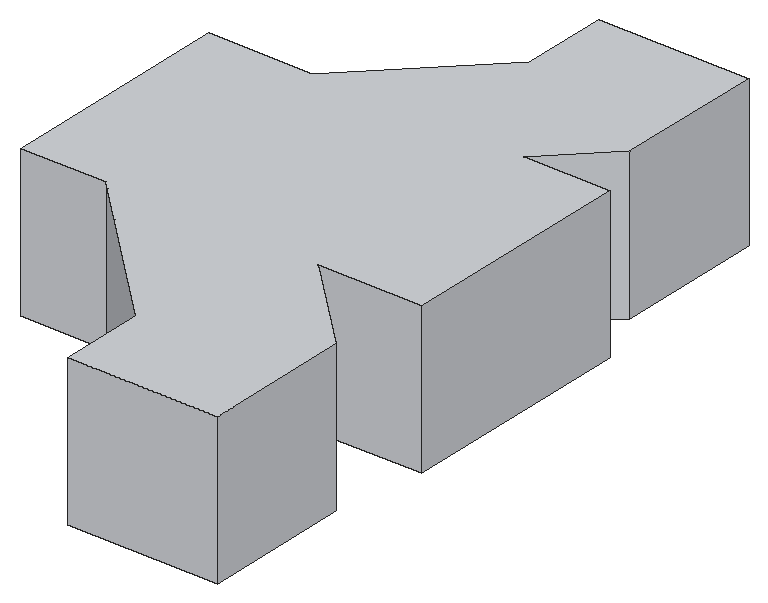
Revit family "Climaver_Triple dynamic branch", category Tvarovky potrubí, Revit 2022
Family settings
  Kóta kulaté spojky = Použít průměr
  Typ dílu = Křížení
  Číslo OmniClass = 23.75.70.14
  Nadpis OmniClass = Air Ductwork
  Založené na pracovní rovině = Ne
  Vždy vertikální = Ano
  Ořezat dutým tvarem při načtení = Ne
  Sdílené = Ne
Parameters (values of type "CLIMAVER A2 Deco")
  xXX [instance] = (3000 mm + x11 + Lenght of inner part) - (S_d4 + S_pL4_a + (External dimension_Width 2 / 2))  # 2991.421 mm
  x32 [instance] = d - 3000 mm + External dimension_Width 4 / 2 + sin(45.00°) * Lenght of inner chamfered part 2  # 557.843 mm
  x31 [instance] = (tan(22.50°) * External dimension_Width 3 / 2) + 3000 mm - db + d1  # 628.553 mm
  x23 [instance] = if(x22 < xXX, x22, xXX)  # 2991.421 mm
  x22 [instance] = (3000 mm + x11 + Lenght of inner part) - (S_d3 + (-S_pL3_a) + (External dimension_Width 2 / 2))  # 3033.579 mm
  x11 [instance] = d1 + (tan(22.50°) * External dimension_Width 3 / 2)  # 528.553 mm
  symbol4 [instance] = 3000 mm + DUCT_WIDTH 2 / 2  # 3250 mm
  symbol3 [instance] = 3000 mm - DUCT_WIDTH 2 / 2  # 2750 mm
  ss3 [instance] = symbol3 - 10 mm  # 2740 mm
  note_R4 = "Contact climaver team. The table below indicates the types of reinforcement and the distance between each reinforcement.\r\n"  # constant formula
  note_R3 = "Reinforcement is required. For more information, visit the manufacturer's website. The table below indicates the types of reinforcement and the distance between each reinforcement.\r\n"  # constant formula
  note_R2 = "At pressures greater than 200 Pa it is necessary to reinforce. For more information, visit the manufacturer's website. The table below indicates the types of reinforcement and the distance between each reinforcement.\r\n"  # constant formula
  note_R1 = "At pressures greater than 400 Pa it is necessary to reinforce. For more information, visit the manufacturer's website. The table below indicates the types of reinforcement and the distance between each reinforcement.\r\n"  # constant formula
  note_R = "Branch widths cannot be the same as the dimension of the main part"  # constant formula
  note_L5 = "The minimum dimension of parameter was exceeded. Length of inner part 3 = 200 mm. Edit the parameter Distance of the second branch axis from the origin"  # constant formula
  note_L4 min = "The minimum dimension of parameter was exceeded. Lenght of inner part of the branch 2 = 200 mm"  # constant formula
  note_L3 min = "The minimum dimension of parameter was exceeded. Lenght of inner part of the branch = 200 mm"  # constant formula
  note_L2 min = "The minimum dimension of parameter was exceeded. Length of inner part 2 = 200 mm."  # constant formula
  note_A2 = "The minimum dimension of parameter was exceeded. Lenght of inner chamfered part 2 = 150 mm"  # constant formula
  note_A = "The minimum dimension of parameter was exceeded. Lenght of inner chamfered part = 150 mm"  # constant formula
  note_L1 min = "The minimum dimension of parameter was exceeded. Length of inner part = 200 mm."  # constant formula
  note_L max = "Warning: The fitting must be constructed from more parts."  # constant formula
  note_Di = "The internal dimensions should be at least 200 mm (the recommended min.value for the DUCT_WIDTH and DUCT_HEIGHT)"  # constant formula
  WAR_R4 [instance] = or(DUCT_WIDTH > 1500 mm, DUCT_HEIGHT > 1500 mm)  # no
  WAR_R3 [instance] = or(DUCT_WIDTH > 1050 mm, DUCT_HEIGHT > 1050 mm)  # no
  WAR_R2 [instance] = or(DUCT_WIDTH > 900 mm, DUCT_HEIGHT > 900 mm)  # no
  WAR_R1 [instance] = or(DUCT_WIDTH > 600 mm, DUCT_HEIGHT > 600 mm)  # no
  VS6 [instance] = tan(22.50°) * External dimension_Width 4 + Lenght of inner part of the branch 2  # 344.975 mm
  VS5 [instance] = 2 * tan(22.50°) * External dimension_Width 4 + Lenght of inner chamfered part 2  # 689.949 mm
  VS4 [instance] = tan(22.50°) * External dimension_Width 4 + Lenght of inner part 3  # 387.132 mm
  VS3 [instance] = tan(22.50°) * External dimension_Width 3 + Lenght of inner part of the branch  # 344.975 mm
  VS2 [instance] = 2 * tan(22.50°) * External dimension_Width 3 / 2 + d5  # 789.949 mm
  VS1 [instance] = tan(22.50°) * External dimension_Width 3 / 2 + d3  # 344.975 mm
  URL3 = ""
  URL2 = ""
  URL1 = "https://www.isover-technical-insulation.com/products/climaverr-a2-deco"
  TYPE = "Fitting"  # constant formula
  S_pL4_a [instance] = (External dimension_Width 4 / 2) - (d - 3000 mm)  # 75 mm
  S_pL3_a [instance] = (3000 mm - db) - (External dimension_Width 3 / 2)  # -75 mm
  S_d4 [instance] = (Distance of the second branch axis from the origin - d2) + tan(22.50°) * (External dimension_Width 4 / 2)  # 387.132 mm
  S_d3 [instance] = d3 + tan(22.50°) * (External dimension_Width 3 / 2)  # 344.975 mm
  Reinforcement note [instance] = if(WAR_R4, note_R4, if(WAR_R3, note_R3, if(WAR_R2, note_R2, if(WAR_R1, note_R1, ""))))  # ""
  PANEL THICKNESS = 25 mm
  PANEL AREA [instance] = 2 * (External dimension_Height + External dimension_Width 3) * (VS1 + VS2 + VS3) + 2 * (External dimension_Height + External dimension_Width 4) * (VS4 + VS5 + VS6) + 2 * (External dimension_Height + External dimension_Width 2) * Lenght of outer part of continuous piece  # 5.67369 m²
  MAXIMUM DIMENSION [instance] = if(External dimension_Width > External dimension_Height, External dimension_Width, External dimension_Height)  # 550 mm
  Lenght of inner part 3 [instance] = Distance of the second branch axis from the origin - External dimension_Width 4 / 2 - sin(45.00°) * Lenght of inner chamfered part 2  # 242.157 mm
  ds3 [instance] = tan(22.50°) * External dimension_Width 3 / 2  # 72.487 mm
  ds2 [instance] = tan(45.00°) * ds  # 350 mm
  ds [instance] = External dimension_Width 2 + External dimension_Width 3 - External dimension_Width  # 350 mm
  db [instance] = 3000 mm - (External dimension_Width / 2 - External dimension_Width 3 / 2)  # 2900 mm
  d7 [instance] = Lenght of inner part + tan(22.50°) * External dimension_Width 4 / 2  # 272.487 mm
  d6 [instance] = tan(22.50°) * External dimension_Width 4 / 2 * 2 + Lenght of inner chamfered part 2  # 544.975 mm
  d5 [instance] = tan(22.50°) * External dimension_Width 3 / 2 * 2 + Lenght of inner chamfered part  # 644.975 mm
  d3 [instance] = Lenght of inner part + tan(22.50°) * External dimension_Width 3 / 2  # 272.487 mm
  d2 [instance] = cos(45.00°) * d6  # 385.355 mm
  d [instance] = 3000 mm + (External dimension_Width / 2 - External dimension_Width 4 / 2)  # 3100 mm
  Wvzd [instance] = DUCT_WIDTH / 3 * 2  # 333.333 mm
  WAR_L5 min [instance] = if(Lenght of inner part 3 < Maximum lenght of inner part, 0 mm, 1 mm)  # 1 mm
  WAR_R [instance] = if(or(DUCT_WIDTH = DUCT_WIDTH 2, DUCT_WIDTH = Duct_width 3, DUCT_WIDTH = Duct_width 4), 0 mm, 1 mm)  # 0 mm
  WAR_L4 min [instance] = if(Lenght of inner part of the branch 2 < Maximum lenght of inner part, 0 mm, 1 mm)  # 1 mm
  WAR_A2 [instance] = if(Lenght of inner chamfered part 2 < Minimum lenght of middle part, 0 mm, 1 mm)  # 1 mm
  WAR_A [instance] = if(Lenght of inner chamfered part < Minimum lenght of middle part, 0 mm, 1 mm)  # 1 mm
  L_S4 [instance] = DUCT_WIDTH 4 / 2 - ((DUCT_WIDTH 2 + DUCT_WIDTH 4) / 2 - (d - db))  # -50 mm
  L_S3 [instance] = DUCT_WIDTH 3 / 2 - ((DUCT_WIDTH 2 + DUCT_WIDTH 3) / 2 - (d - db))  # -50 mm
  L_1x2x4 [instance] = d3 + (DUCT_WIDTH 4 / 2) / sin(45.00°) - L_S4  # 534.619 mm
  L_1x2x3 [instance] = d3 + (DUCT_WIDTH 3 / 2) / sin(45.00°) - L_S3  # 534.619 mm
  Installation manual = "https://ssi-climaver.com/assets/pdf/20180924%20climaver_installation_manual_din_a5.pdf"
  External dimension_Width 4 [instance] = Duct_width 4 + 2 * PANEL THICKNESS  # 350 mm
  Distance of the second branch axis from the origin [instance] = 700 mm
  PS4 [instance] = Duct_width 4 / 2  # 150 mm
  Duct_width 4 [instance] = 300 mm
  PS3 [instance] = Duct_width 3 / 2  # 150 mm
  Perimetr [instance] = 2 * External dimension_Height + 2 * if(External dimension_Width 2 > External dimension_Width 3, External dimension_Width 2, if(External dimension_Width 3 > External dimension_Width 4, External dimension_Width 3, External dimension_Width 4)) + 200 mm  # 2000 mm
  Minimum lenght of middle part [instance] = 150 mm  # constant formula
  Maximum lenght of inner part [instance] = 200 mm  # constant formula
  Maximum perimetr of one panel [instance] = 3000 mm  # constant formula
  Lenght of inner part of the branch 2 [instance] = 200 mm
  Lenght of inner chamfered part 2 [instance] = 400 mm
  Lenght of inner chamfered part [instance] = 500 mm
  d1 [instance] = d4  # 456.066 mm
  d4 [instance] = cos(45.00°) * d5  # 456.066 mm
  Warnings = yes
  Warning note [instance] = if(WAR_Di = 0 mm, note_Di, if(WAR_A = 0 mm, note_A, if(WAR_L1 min = 0 mm, note_L1 min, if(WAR_L2 min = 0 mm, note_L2 min, if(WAR_L3 min = 0 mm, note_L3 min, if(WAR_L max = 0 mm, note_L max, if(WAR_R = 0 mm, note_R, if(WAR_L4 min = 0 mm, note_L4 min, if(WAR_A2 = 0 mm, note_A2, if(WAR_L5 min = 0 mm, note_L5, ""))))))))))  # "Branch widths cannot be the same as the dimension of the main part"
  WAR_L3 min [instance] = if(Lenght of inner part of the branch < Maximum lenght of inner part, 0 mm, 1 mm)  # 1 mm
  WAR_L2 min [instance] = if(Lenght of inner part 2 < Maximum lenght of inner part, 0 mm, 1 mm)  # 1 mm
  WAR_L1 min [instance] = if(Lenght of inner part < Maximum lenght of inner part, 0 mm, 1 mm)  # 1 mm
  WAR_L max [instance] = if(or(Lenght of outer part of continuous piece > Maximum lenght, Perimetr > Maximum perimetr of one panel, (Lenght of inner part + Lenght of inner part of the branch + Lenght of inner chamfered part) > Maximum lenght, (Lenght of inner part + Lenght of inner part of the branch 2 + Lenght of inner chamfered part 2) > Maximum lenght), 0 mm, 1 mm)  # 1 mm
  WAR_Di [instance] = if((or(DUCT_WIDTH < 200 mm, DUCT_WIDTH 2 < 200 mm, DUCT_HEIGHT < 200 mm, Duct_width 3 < 200 mm, Duct_width 4 < 200 mm)), 0 mm, 1 mm)  # 1 mm
  WAR [instance] = if(or(WAR_L1 min = 0 mm, WAR_L2 min = 0 mm, WAR_L3 min = 0 mm, WAR_R = 0 mm, WAR_L4 min = 0 mm, WAR_A2 = 0 mm, WAR_L5 min = 0 mm), 0 mm, 1 mm)  # 0 mm
  W [instance] = and(WAR = 0 mm, Warnings)  # yes
  Výrobce = "Saint-Gobain - Isover"
  External dimension_Width 3 [instance] = Duct_width 3 + 2 * PANEL THICKNESS  # 350 mm
  External dimension_Width [instance] = DUCT_WIDTH + 2 * PANEL THICKNESS  # 550 mm
  External dimension_Height [instance] = DUCT_HEIGHT + 2 * PANEL THICKNESS  # 350 mm
  External dimension_Width 2 [instance] = DUCT_WIDTH 2 + 2 * PANEL THICKNESS  # 550 mm
  Duct_width 3 [instance] = 300 mm
  Maximum lenght [instance] = 1190 mm
  Lenght of inner part 2 [instance] = 200 mm
  Family collaps = no
  Lenght of outer part of continuous piece [instance] = x11 + Lenght of inner part + Lenght of inner part 2 - x22 + 3000 mm  # 894.975 mm
  URL = "https://www.isover-technical-insulation.com/hvac/climaverr-self-supporting-ducts"
  Popis = "Triple dynamic branch"
  Model = "CLIMAVER A2 Deco (Fire behaviour A2-s1, d0, Acoustic absorption 0,85)"
  Material = none
  Komentáře k typům = "Glass wool duct boards for air conditioning, ventilation and heating systems. The system allow to make foursquare duct/duct lines (straight duct, elbow, offset, branch etc.) The panel a high density glass wool duct board and is faced on both sides. The outer facing, a robust aluminum facing, acts as a vapor barrier and ensures that the duct is airtight. The inner facing of the duct may be either a reinforced aluminum facing or a woven glass facing.The pre-insulated, self-supporting duct is designed to offer excellent acoustics, excellent thermal performance and a high level of air-tightness, making the system energy efficient. Application as EN 13403, Airtightness: Thermal conductivity λ = 0,032 [W/(m·K)] for T = 10 °C, Class D, Maximum Static pressure: 800 Pa, Maximum air speed: 18 m/s, Maximum temperature of circulating air: 90°C, Maximum external air temperature 60°C, Minimum temperature: – 30˚C, Dimensional stability: Quantities and measured values : <1 %, Duct assembly: exclusive male/female molded shiplap, Water-vapour diffusion resistence: >140 m².h.Pa/mg (from the facing)."  # constant formula
  Lenght of inner part of the branch [instance] = 200 mm
  Lenght of inner part [instance] = 200 mm
  Výchozí výška = 0 mm
  DUCT_WIDTH 4 [instance] = Duct_width 4  # 300 mm
  DUCT_WIDTH 3 [instance] = Duct_width 3  # 300 mm
  DUCT_WIDTH 2 [instance] = 500 mm
  DUCT_WIDTH [instance] = 500 mm
  DUCT_HEIGHT [instance] = 300 mm
  Collapse [instance] = and(WAR = 0 mm, Family collaps)  # no
  COPYRIGHT = "Saint-Gobain - Isover"  # constant formula
Types (4, lengths in mm): name | xXX | x32 | x31 | x23 | x22 | x11 | symbol4 | symbol3 | ss3 | VS6 | VS5 | VS4 | VS3 | VS2 | VS1 | URL3 | URL2 | URL1 | S_pL4_a | S_pL3_a | S_d4 | S_d3 | PANEL THICKNESS | PANEL AREA | MAXIMUM DIMENSION | Lenght of inner part 3 | ds3 | ds2 | ds | d7 | d6 | d5 | d3 | d2 | Wvzd | WAR_R | L_S4 | L_S3 | L_1x2x4 | L_1x2x3 | External dimension_Width 4 | Distance of the second branch axis from the origin | PS4 | Duct_width 4 | PS3 | Perimetr | Lenght of inner chamfered part 2 | Lenght of inner chamfered part | d1 | d4 | Warning note | WAR | W | External dimension_Width 3 | External dimension_Width | External dimension_Height | External dimension_Width 2 | Duct_width 3 | Maximum lenght | Lenght of inner part 2 | Lenght of outer part of continuous piece | Model | DUCT_WIDTH 4 | DUCT_WIDTH 3 | DUCT_WIDTH 2 | DUCT_WIDTH
  CLIMAVER Plus R, CLIMAVER A2 Plus | 2858.579 | 331.066 | 331.066 | 2858.579 | 2927.513 | 231.066 | 3150 | 2850 | 2840 | 303.553 | 357.107 | 372.487 | 303.553 | 357.107 | 303.553 | "" | "https://www.isover-technical-insulation.com/products/climaverr-a2-plus" | "https://www.isover-technical-insulation.com/products/climaverr-plus-r" | 25 | -25 | 372.487 | 303.553 | 25 | 3.80181 m² | 450 | 268.934 | 51.777 | 150 | 150 | 251.777 | 253.553 | 253.553 | 251.777 | 179.289 | 266.667 | 1 | 50 | 50 | 343.198 | 343.198 | 250 | 500 | 100 | 200 | 100 | 1600 | 150 | 150 | 179.289 | 179.289 | "" | 1 | no | 250 | 450 | 350 | 350 | 200 | 1190 | 500 | 1003.553 | "CLIMAVER Plus R, CLIMAVER A2 Plus (Fire reaction B-s1, d0; A2-s1, d0, Acoustic absorption 0,30)" | 200 | 200 | 300 | 400
  CLIMAVER Neto, CLIMAVER A2 Neto | 2858.579 | 331.066 | 331.066 | 2858.579 | 2927.513 | 231.066 | 3150 | 2850 | 2840 | 303.553 | 357.107 | 372.487 | 303.553 | 357.107 | 303.553 | "" | "https://www.isover-technical-insulation.com/products/climaverr-a2-neto" | "https://www.isover-technical-insulation.com/products/climaverr-neto" | 25 | -25 | 372.487 | 303.553 | 25 | 3.80181 m² | 450 | 268.934 | 51.777 | 150 | 150 | 251.777 | 253.553 | 253.553 | 251.777 | 179.289 | 266.667 | 1 | 50 | 50 | 343.198 | 343.198 | 250 | 500 | 100 | 200 | 100 | 1600 | 150 | 150 | 179.289 | 179.289 | "" | 1 | no | 250 | 450 | 350 | 350 | 200 | 1190 | 500 | 1003.553 | "CLIMAVER Neto, CLIMAVER A2 Neto (Fire reaction B-s1, d0; A2-s1, d0, Acoustic absorption 0,85)" | 200 | 200 | 300 | 400
  CLIMAVER A2 Deco | 2991.421 | 557.843 | 628.553 | 2991.421 | 3033.579 | 528.553 | 3250 | 2750 | 2740 | 344.975 | 689.949 | 387.132 | 344.975 | 789.949 | 344.975 | "" | "" | "https://www.isover-technical-insulation.com/products/climaverr-a2-deco" | 75 | -75 | 387.132 | 344.975 | 25 | 5.67369 m² | 550 | 242.157 | 72.487 | 350 | 350 | 272.487 | 544.975 | 644.975 | 272.487 | 385.355 | 333.333 | 0 | -50 | -50 | 534.619 | 534.619 | 350 | 700 | 150 | 300 | 150 | 2000 | 400 | 500 | 456.066 | 456.066 | "Branch widths cannot be the same as the dimension of the main part" | 0 | yes | 350 | 550 | 350 | 550 | 300 | 1190 | 200 | 894.975 | "CLIMAVER A2 Deco (Fire behaviour A2-s1, d0, Acoustic absorption 0,85)" | 300 | 300 | 500 | 500
  CLIMAVER Apta, A2 Apta, A1 Apta | 2846.152 | 346.066 | 346.066 | 2846.152 | 2900.086 | 246.066 | 3150 | 2850 | 2840 | 315.98 | 381.96 | 369.914 | 315.98 | 381.96 | 315.98 | "https://www.isover-technical-insulation.com/products/climaverr-a1-apta" | "https://www.isover-technical-insulation.com/products/climaverr-a2-apta" | "https://www.isover-technical-insulation.com/products/climaverr-apta" | 40 | -40 | 369.914 | 315.98 | 40 | 4.33783 m² | 480 | 253.934 | 57.99 | 180 | 180 | 257.99 | 265.98 | 265.98 | 257.99 | 188.076 | 266.667 | 1 | 50 | 50 | 349.411 | 349.411 | 280 | 500 | 100 | 200 | 100 | 1720 | 150 | 150 | 188.076 | 188.076 | "" | 1 | no | 280 | 480 | 380 | 380 | 200 | 1210 | 500 | 1045.98 | "CLIMAVER Apta, A2 Apta, A1 Apta (Fire reaction B-s1, d0; A2-s1, d0; A1, Acoustic absorption 0,90)" | 200 | 200 | 300 | 400
Reference planes
  plane 1: z = 0
  plane 2 "Center(Left/Right)": x = 309.645
  plane 3 "Center": y = -295.403
  plane 4: x = 134.645
  plane 5: x = 484.645
  plane 6: y = -3295.403
  plane 7: x = 318.223
  plane 8: x = -218.909
  plane 9: y = -923.957
  plane 10: x = 3309.645
  plane 11: y = 262.439
  plane 12: z = 175
  plane 13: z = -175
Forms (mm)
  Sweep 1, solid, detail levels medium+fine
    path in 3D
      loop
        line (-418.909, -195.403, 0) -> (-104.264, -195.403, 0) -> (281.091, 189.952, 0) -> (281.091, 462.439, 0)
    profile "M_Duct - Rectangular : Duct - Rectangular 4" origin (-261.586, -195.403, 0) x (0, 1, 0) y (0, 0, 1)
      loop
        line (-175, 175) -> (-175, -175) -> (175, -175) -> (175, 175) -> (-175, 175)
  Sweep 2, solid, detail levels medium+fine
    path in 3D
      loop
        line (-418.909, -395.403, 0) -> (-146.421, -395.403, 0) -> (309.645, -851.469, 0) -> (309.645, -1123.957, 0)
    profile "M_Duct - Rectangular : Duct - Rectangular 3" origin (-282.665, -395.403, 0) x (0, 1, 0) y (0, 0, 1)
      loop
        line (-175, 175) -> (-175, -175) -> (175, -175) -> (175, 175) -> (-175, 175)
  Sweep 3, solid, detail levels medium+fine
    path in 3D
      loop
        line (518.223, -295.403, 0) -> (-418.909, -295.403, 0)
    profile "M_Duct - Rectangular : Duct - Rectangular 2" origin (49.657, -295.403, 0) x (0, -1, 0) y (0, 0, 1)
      loop
        line (-275, 175) -> (-275, -175) -> (275, -175) -> (275, 175) -> (-275, 175)
Cuts and joins
  joined: Sweep 1, Sweep 2, Sweep 3
Lines and regions (mm)
  model lines, style "InvisibleLines", not visible
    curve 1: line (80.673, 222.588, 0) -> (108.957, 250.873, 0)
    curve 2: line (108.957, 250.873, 0) -> (108.957, 170.873, 0)
  reference lines
    curve 3: line (518.223, -295.403, 0) -> (-418.909, -295.403, 0)
    curve 4: line (-418.909, -395.403, 0) -> (-146.421, -395.403, 0)
    curve 5: line (309.645, -851.469, 0) -> (-146.421, -395.403, 0)
    curve 6: line (-220.64, -851.469, 0) -> (438.65, -851.469, 0)
    curve 7: line (309.645, -851.469, 0) -> (309.645, -1123.957, 0)
    curve 11: line (518.223, -295.403, 0) -> (518.223, -185.403, 0)
    curve 12: line (-418.909, -315.403, 0) -> (-418.909, -960.139, 0)
    curve 13: line (309.645, -1123.957, 0) -> (484.645, -1123.957, 0)
    curve 25: line (-418.909, -195.403, 0) -> (-218.909, -195.403, 0)
    curve 26: line (281.091, 189.952, 0) -> (-104.264, -195.403, 0)
    curve 27: line (-193.127, 189.952, 0) -> (255.919, 189.952, 0)
    curve 28: line (281.091, 189.952, 0) -> (281.091, 462.439, 0)
    curve 29: line (281.091, 462.439, 0) -> (-178.909, 462.439, 0)
  sketch lines
    curve 8: line (-418.909, -395.403, 0) -> (-146.421, -395.403, 0)
    curve 9: line (309.645, -851.469, 0) -> (-146.421, -395.403, 0)
    curve 10: line (309.645, -851.469, 0) -> (309.645, -1123.957, 0)
    curve 30: line (-418.909, -195.403, 0) -> (-104.264, -195.403, 0)
    curve 31: line (281.091, 189.952, 0) -> (-104.264, -195.403, 0)
    curve 32: line (281.091, 189.952, 0) -> (281.091, 462.439, 0)
    curve 33: line (518.223, -295.403, 0) -> (-418.909, -295.403, 0)
  model lines, style "DuctFitting", detail levels coarse
    curve 14: line (-418.909, -395.403, 0) -> (-146.421, -395.403, 0)
    curve 15: line (309.645, -851.469, 0) -> (-146.421, -395.403, 0)
    curve 16: line (309.645, -851.469, 0) -> (309.645, -1123.957, 0)
    curve 50: line (518.223, -295.403, 0) -> (-418.909, -295.403, 0)
    curve 51: line (-418.909, -195.403, 0) -> (-104.264, -195.403, 0)
    curve 52: line (281.091, 189.952, 0) -> (-104.264, -195.403, 0)
    curve 53: line (281.091, 189.952, 0) -> (281.091, 462.439, 0)
  model lines, style "Climaver_Inner wall of fittings", detail levels medium
    curve 17: line (-218.909, -570.403, 150) -> (134.645, -923.957, 150)
    curve 18: line (-218.909, -570.403, -150) -> (134.645, -923.957, -150)
    curve 19: line (-418.909, -570.403, 150) -> (-218.909, -570.403, 150)
    curve 20: line (-418.909, -570.403, -150) -> (-218.909, -570.403, -150)
    curve 21: line (134.645, -923.957, 150) -> (134.645, -1123.957, 150)
    curve 22: line (134.645, -923.957, -150) -> (134.645, -1123.957, -150)
    curve 23: line (484.645, -1123.957, 150) -> (484.645, -778.982, 150)
    curve 24: line (484.645, -1123.957, -150) -> (484.645, -778.982, -150)
    curve 34: line (-176.751, -20.403, 150) -> (-418.909, -20.403, 150)
    curve 35: line (-176.751, -20.403, -150) -> (-418.909, -20.403, -150)
    curve 36: line (106.091, 262.439, 150) -> (-176.751, -20.403, 150)
    curve 37: line (106.091, 262.439, -150) -> (-176.751, -20.403, -150)
    curve 38: line (106.091, 462.439, 150) -> (106.091, 262.439, 150)
    curve 39: line (106.091, 462.439, -150) -> (106.091, 262.439, -150)
    curve 40: line (456.091, 117.464, 150) -> (456.091, 462.439, 150)
    curve 41: line (456.091, 117.464, -150) -> (456.091, 462.439, -150)
    curve 42: line (518.223, -20.403, 150) -> (387.157, -20.403, 150)
    curve 43: line (518.223, -20.403, -150) -> (387.157, -20.403, -150)
    curve 44: line (318.223, -570.403, 150) -> (518.223, -570.403, 150)
    curve 45: line (318.223, -570.403, -150) -> (518.223, -570.403, -150)
    curve 46: line (484.645, -778.982, 150) -> (444.264, -738.602, 150)
    curve 47: line (484.645, -778.982, -150) -> (444.264, -738.602, -150)
    curve 48: line (386.421, 47.795, 150) -> (456.091, 117.464, 150)
    curve 49: line (456.091, 117.464, -150) -> (386.421, 47.795, -150)
    curve 54: line (-418.909, -545.403, 175) -> (-208.553, -545.403, 175)
    curve 55: line (-208.553, -545.403, 175) -> (159.645, -913.602, 175)
    curve 56: line (159.645, -913.602, 175) -> (159.645, -1123.957, 175)
    curve 57: line (131.091, 462.439, 175) -> (131.091, 252.084, 175)
    curve 58: line (131.091, 252.084, 175) -> (-166.396, -45.403, 175)
    curve 59: line (-166.396, -45.403, 175) -> (-418.909, -45.403, 175)
    curve 60: line (459.645, -1123.957, 175) -> (459.645, -789.337, 175)
    curve 61: line (459.645, -789.337, 175) -> (215.711, -545.403, 175)
    curve 62: line (431.091, 462.439, 175) -> (431.091, 127.82, 175)
    curve 63: line (431.091, 127.82, 175) -> (257.868, -45.403, 175)
    curve 66: line (257.868, -45.403, 175) -> (518.223, -45.403, 175)
    curve 67: line (215.711, -545.403, 175) -> (518.223, -545.403, 175)
    curve 69: line (-418.909, -545.403, -175) -> (-208.553, -545.403, -175)
    curve 70: line (-208.553, -545.403, -175) -> (159.645, -913.602, -175)
    curve 71: line (159.645, -913.602, -175) -> (159.645, -1123.957, -175)
    curve 72: line (131.091, 462.439, -175) -> (131.091, 252.084, -175)
    curve 73: line (131.091, 252.084, -175) -> (-166.396, -45.403, -175)
    curve 74: line (-166.396, -45.403, -175) -> (-418.909, -45.403, -175)
    curve 75: line (459.645, -1123.957, -175) -> (459.645, -789.337, -175)
    curve 76: line (459.645, -789.337, -175) -> (215.711, -545.403, -175)
    curve 77: line (431.091, 462.439, -175) -> (431.091, 127.82, -175)
    curve 78: line (431.091, 127.82, -175) -> (257.868, -45.403, -175)
    curve 81: line (257.868, -45.403, -175) -> (518.223, -45.403, -175)
    curve 82: line (215.711, -545.403, -175) -> (518.223, -545.403, -175)
  model lines, style "Climaver_Inner wall of fittings", not visible, detail levels medium
    curve 64: line (-418.909, -45.403, 175) -> (257.868, -45.403, 175)
    curve 65: line (215.711, -545.403, 175) -> (-418.909, -545.403, 175)
    curve 68: line (518.223, -545.403, 175) -> (518.223, -45.403, 175)
    curve 79: line (-418.909, -45.403, -175) -> (257.868, -45.403, -175)
    curve 80: line (215.711, -545.403, -175) -> (-418.909, -545.403, -175)
    curve 83: line (518.223, -545.403, -175) -> (518.223, -45.403, -175)
    curve 84: line (-418.909, -545.403, -175) -> (-418.909, -45.403, -175)
    curve 85: line (131.091, 462.439, -175) -> (431.091, 462.439, -175)
    curve 86: line (159.645, -1123.957, -175) -> (459.645, -1123.957, -175)
Dimensions and locks
  equal spacing: plane 4, plane 2 "Center(Left/Right)", plane 5  (x2)
  "External dimension_Width 3": plane 4 to plane 5
  "d1": curve 6 to curve 4
  "d5": curve 5 to curve 5
  "d3": curve 4 to curve 4
  plane 3 "Center" to plane 6 = 3000 mm  (x2)
  "d": curve 25 to plane 6
  "Lenght of inner part 2": plane 7 to curve 11
  "x11": plane 8 to plane 2 "Center(Left/Right)"  (x2)
  "Lenght of inner part": curve 12 to plane 8
  "x31": plane 3 "Center" to plane 9  (x2)
  "Lenght of inner part of the branch": plane 9 to curve 13
  "Wvzd": nested 1 to plane 3 "Center"  (x2)
  locked: plane 2 "Center(Left/Right)" to plane 10 at 3000  (x2)
  "x23": plane 7 to plane 10
  equal spacing: curve 18, level, curve 17
  "DUCT_HEIGHT": curve 18 to curve 17
  equal spacing: curve 19, level, curve 20
  "DUCT_HEIGHT": curve 19 to curve 20
  equal spacing: curve 21, level, curve 22
  "DUCT_HEIGHT": curve 22 to curve 21
  equal spacing: curve 23, level, curve 24
  "DUCT_HEIGHT": curve 24 to curve 23
  "d2": curve 25 to curve 27
  "x32": plane 11 to plane 3 "Center"  (x2)
  "Lenght of inner part of the branch 2": curve 29 to plane 11
  equal spacing: curve 35, level, curve 34
  "DUCT_HEIGHT": curve 35 to curve 34
  equal spacing: curve 37, level, curve 36
  "DUCT_HEIGHT": curve 37 to curve 36
  equal spacing: curve 39, level, curve 38
  "DUCT_HEIGHT": curve 39 to curve 38
  equal spacing: curve 41, level, curve 40
  "DUCT_HEIGHT": curve 41 to curve 40
  equal spacing: curve 43, level, curve 42
  "DUCT_HEIGHT": curve 43 to curve 42
  equal spacing: curve 44, level, curve 45
  "DUCT_HEIGHT": curve 44 to curve 45
  equal spacing: curve 47, level, curve 46
  "DUCT_HEIGHT": curve 47 to curve 46
  equal spacing: curve 49, level, curve 48
  "DUCT_HEIGHT": curve 49 to curve 48
  "Distance of the second branch axis from the origin": curve 12 to curve 28
  "Wvzd": plane 3 "Center" to nested 1  (x2)
  "symbol4": plane 6 to curve 64
  "db": plane 6 to curve 4
  "symbol3": curve 65 to plane 6
  "Lenght of inner part 3": curve 12 to nested 1  (x2)
  "External dimension_Height": plane 12 to plane 13
  equal spacing: plane 12, plane 1, plane 13
  plane 4 to plane 5 = 350 mm
  plane 7 to plane 10 = 2991.421 mm
  equal spacing: curve 81, curve 3, curve 82
  "DUCT_WIDTH 2": curve 82 to curve 81
  "PANEL THICKNESS": cut or joined group of Sweep 1, Sweep 2, Sweep 3 to curve 57
  "PANEL THICKNESS": curve 62 to cut or joined group of Sweep 1, Sweep 2, Sweep 3
  "PANEL THICKNESS": cut or joined group of Sweep 1, Sweep 2, Sweep 3 to curve 58
  "PANEL THICKNESS": curve 63 to cut or joined group of Sweep 1, Sweep 2, Sweep 3
  "PANEL THICKNESS": cut or joined group of Sweep 1, Sweep 2, Sweep 3 to curve 59
  "PANEL THICKNESS": curve 60 to cut or joined group of Sweep 1, Sweep 2, Sweep 3
  "PANEL THICKNESS": cut or joined group of Sweep 1, Sweep 2, Sweep 3 to curve 56
  "PANEL THICKNESS": cut or joined group of Sweep 1, Sweep 2, Sweep 3 to curve 55
  "PANEL THICKNESS": cut or joined group of Sweep 1, Sweep 2, Sweep 3 to curve 61
  "PANEL THICKNESS": cut or joined group of Sweep 1, Sweep 2, Sweep 3 to curve 54
  "PANEL THICKNESS": cut or joined group of Sweep 1, Sweep 2, Sweep 3 to curve 71
  "PANEL THICKNESS": curve 75 to cut or joined group of Sweep 1, Sweep 2, Sweep 3
  "PANEL THICKNESS": cut or joined group of Sweep 1, Sweep 2, Sweep 3 to curve 70
  "PANEL THICKNESS": cut or joined group of Sweep 1, Sweep 2, Sweep 3 to curve 76
  "PANEL THICKNESS": cut or joined group of Sweep 1, Sweep 2, Sweep 3 to curve 69
  "PANEL THICKNESS": cut or joined group of Sweep 1, Sweep 2, Sweep 3 to curve 74
  "PANEL THICKNESS": cut or joined group of Sweep 1, Sweep 2, Sweep 3 to curve 73
  "PANEL THICKNESS": curve 78 to cut or joined group of Sweep 1, Sweep 2, Sweep 3
  "PANEL THICKNESS": cut or joined group of Sweep 1, Sweep 2, Sweep 3 to curve 72
  "PANEL THICKNESS": curve 77 to cut or joined group of Sweep 1, Sweep 2, Sweep 3
  locked: plane 2 "Center(Left/Right)" to curve 5 (angle 45.00°)
  locked: curve 27 to curve 26 (angle 45.00°)
  aligned and locked: curve 6 to curve 7
  aligned and locked: curve 13 to plane 2 "Center(Left/Right)"
  aligned and locked: plane 5 to curve 13
  aligned and locked: curve 4 to curve 14
  aligned and locked: curve 15 to curve 5
  aligned and locked: curve 16 to curve 7
  aligned and locked: curve 12 to curve 25
  aligned and locked: curve 27 to curve 26
  aligned and locked: curve 25 to curve 26
  aligned and locked: plane 8 to curve 25
  aligned and locked: curve 25 to curve 51
  aligned and locked: curve 52 to curve 26
  aligned and locked: curve 53 to curve 28
  aligned and locked: connector elem to curve 50
  aligned and locked: curve 50 to curve 11
  aligned and locked: curve 16 to curve 13
  aligned and locked: curve 53 to curve 29
  aligned and locked: curve 27 to curve 28
  aligned and locked: curve 50 to curve 12
  aligned and locked: curve 12 to curve 14
  aligned and locked: curve 51 to curve 12
  aligned and locked: curve 46 to Sweep 2
  aligned and locked: Sweep 1 to curve 48
  aligned and locked: curve 56 to curve 13
  aligned and locked: curve 12 to curve 54
  aligned and locked: curve 59 to curve 12
  aligned and locked: curve 57 to curve 29
  aligned and locked: curve 13 to curve 60
  aligned and locked: curve 29 to curve 62
  aligned and locked: curve 64 to curve 12
  aligned and locked: curve 12 to curve 65
  aligned and locked: curve 68 to curve 11
  aligned and locked: curve 84 to curve 12
  aligned and locked: curve 83 to curve 11
  aligned and locked: curve 85 to curve 29
  aligned and locked: curve 86 to curve 13
Automatic sketch dimensions
  curve 26 to curve 28 = 0 mm
  curve 11 to plane 3 "Center" = 0 mm
  curve 12 to plane 9 = 36.183 mm
  curve 12 to curve 3 = 20 mm
  plane 3 "Center" to curve 11 = 110 mm
  curve 6 to curve 5 = 0 mm
  curve 6 to curve 5 = 74.218 mm
  curve 6 to curve 4 = 74.218 mm
  curve 7 to curve 6 = 129.005 mm
  curve 18 to Sweep 2 = 0 mm  (x2)
  curve 17 to Sweep 2 = 0 mm  (x2)
  curve 20 to Sweep 2 = 0 mm  (x2)
  curve 19 to Sweep 2 = 0 mm  (x2)
  curve 22 to Sweep 2 = 0 mm  (x2)
  curve 21 to Sweep 2 = 0 mm  (x2)
  curve 47 to Sweep 2 = 0 mm
  curve 46 to Sweep 2 = 0 mm
  curve 23 to Sweep 2 = 0 mm  (x2)
  curve 24 to Sweep 2 = 0 mm  (x2)
  curve 27 to curve 28 = 25.172 mm
  curve 25 to curve 29 = 40 mm
  curve 25 to curve 27 = 25.782 mm
  curve 34 to Sweep 1 = 0 mm  (x2)
  curve 35 to Sweep 1 = 0 mm  (x2)
  curve 36 to Sweep 1 = 0 mm  (x2)
  curve 37 to Sweep 1 = 0 mm  (x2)
  curve 38 to Sweep 1 = 0 mm  (x2)
  curve 39 to Sweep 1 = 0 mm  (x2)
  curve 41 to Sweep 1 = 0 mm  (x2)
  curve 40 to Sweep 1 = 0 mm  (x2)
  Sweep 3 to curve 43 = 0 mm
  Sweep 3 to curve 42 = 0 mm
  Sweep 3 to curve 44 = 0 mm
  Sweep 3 to curve 45 = 0 mm
  curve 49 to Sweep 1 = 0 mm
  curve 48 to Sweep 1 = 0 mm
  curve 47 to curve 47 = 57.107 mm
  curve 46 to curve 46 = 57.107 mm
  Sweep 3 to curve 45 = 200 mm
  Sweep 3 to curve 44 = 200 mm
  Sweep 3 to curve 43 = 131.066 mm
  Sweep 3 to curve 42 = 131.066 mm
  curve 48 to curve 48 = 98.528 mm
  curve 49 to curve 49 = 98.528 mm
Nested families
  nested 1: "Warnings_HVAC" at (-174.251, 37.93, 0) x (0, 0, 1) z (0, 1, 0), visible <- "W", type "Warnings_HVAC"
    with Viditelnost yes
Connectors
  hvac at (-418.909, -295.403, 0), driven by "DUCT_HEIGHT", driven by "DUCT_WIDTH"
    settings: on curve 3, index 1, duct flow 0.0 L/s, flow factor 0, pres drop 0.0 Pa, loss coef 0, conn angle 0.00°, conn width 500 mm, conn height 300 mm, conn diameter 609.6 mm, duct sys type 28, conn prof type 1, flow config 0, flow direction 0, loss method 0, conn ref index -1, conn util no, is conn primary yes, conn desc ""
  hvac at (518.223, -295.403, 0), driven by "DUCT_HEIGHT", driven by "DUCT_WIDTH 2"
    settings: on curve 3, index 2, duct flow 0.0 L/s, flow factor 0, pres drop 0.0 Pa, loss coef 0, conn angle 0.00°, conn width 500 mm, conn height 300 mm, conn diameter 609.6 mm, duct sys type 28, conn prof type 1, flow config 0, flow direction 0, loss method 0, conn ref index -1, conn util no, is conn primary no, conn desc ""
  hvac at (309.645, -1123.957, 0), driven by "DUCT_HEIGHT", driven by "Duct_width 3"
    settings: on curve 7, index 3, duct flow 0.0 L/s, flow factor 0, pres drop 0.0 Pa, loss coef 0, conn angle 0.00°, conn width 300 mm, conn height 300 mm, conn diameter 609.6 mm, duct sys type 28, conn prof type 1, flow config 0, flow direction 0, loss method 0, conn ref index -1, conn util no, is conn primary no, conn desc ""
  hvac at (281.091, 462.439, 0), driven by "DUCT_HEIGHT", driven by "Duct_width 4"
    settings: on curve 28, index 4, duct flow 0.0 L/s, flow factor 0, pres drop 0.0 Pa, loss coef 0, conn angle 0.00°, conn width 300 mm, conn height 300 mm, conn diameter 609.6 mm, duct sys type 28, conn prof type 1, flow config 0, flow direction 0, loss method 0, conn ref index -1, conn util no, is conn primary no, conn desc ""
Definition of nested family "Warnings_HVAC"
  Parameters (values of type "Warnings_HVAC")
    Manufacturer = ""
    Default Elevation = 0 mm
    Viditelnost [instance] = yes
    URL = ""
    Description = ""
    Model = ""
    Type Comments = ""
    Collapse = no
    Collapser = if(Collapse, -1 mm, 206 mm)  # 206 mm
    Cost = 0
    COPYRIGHT = "© cadconsulting, spol. s r.o."  # constant formula
  Reference planes
    plane 1 "Střed (vpředu/vzadu)": z = 0
    plane 2: z = 0
    plane 3 "Střed (vlevo/vpravo)": x = 0
    plane 4: z = 50
    plane 5: z = 256
    plane 6 "Střed Vpředu/Vzadu": y = -2.5
  Forms (mm)
    Revolve 1, solid, visible <- "Viditelnost"
      sketch origin (0, -2.5, 1200) x (1, 0, 0) y (0, 0, 1)
        loop
          line (-18.367, -945.083) -> (-8.69, -1109.259)
          arc (-8.69, -1109.259) -> (-5.971, -1115.081) -> (0, -1117.452) r 8.705
          line (0, -1117.452) -> (0, -925.601)
          arc (0, -925.601) -> (-13.387, -931.379) -> (-18.367, -945.083) r 18.399
        loop
          arc (0, -1135) -> (-15, -1150) -> (0, -1165) r 15
          line (0, -1165) -> (0, -1135)
        axis (0, -1165) -> (0, -925.601)
      angle from 0 to 360
  Lines and regions (mm)
    reference lines
      curve 1: line (0, -2.5, 50) -> (0, -2.5, 261)
  Dimensions and locks
    "Collapser": plane 5 to plane 4
    locked: plane 4 to plane 2 at 50
    aligned and locked: level to plane 2
    aligned and locked: plane 4 to curve 1
    aligned and locked: plane 3 "Střed (vlevo/vpravo)" to curve 1
    aligned and locked: Revolve 1 sketch curve to plane 3 "Střed (vlevo/vpravo)"
    aligned and locked: plane 3 "Střed (vlevo/vpravo)" to Revolve 1 sketch curve  (x3)
    aligned and locked: plane 5 to Revolve 1 sketch curve
    aligned and locked: plane 4 to Revolve 1 sketch curve
  Automatic sketch dimensions
    curve 1 to plane 5 = 5 mm
    Revolve 1 sketch curve to plane 3 "Střed (vlevo/vpravo)" = 0 mm
    Revolve 1 sketch curve to plane 4 = 0 mm
    Revolve 1 sketch curve to plane 5 = 0 mm
    Revolve 1 sketch curve to plane 3 "Střed (vlevo/vpravo)" = 8.69 mm
    plane 5 to Revolve 1 sketch curve = 1.083 mm
    Revolve 1 sketch curve to plane 3 "Střed (vlevo/vpravo)" = 18.367 mm
    Revolve 1 sketch curve to Revolve 1 sketch curve = 15 mm
    Revolve 1 sketch curve to Revolve 1 sketch curve = 8.193 mm
